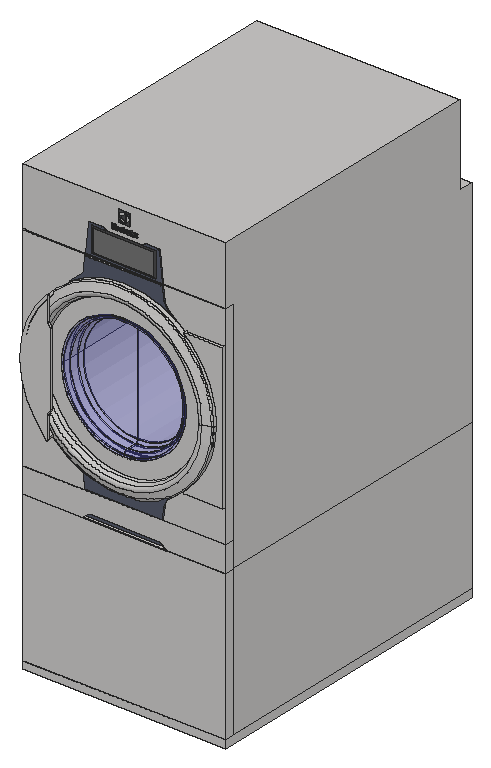
Revit family "TD6-20 HP", category Attrezzature speciali, Revit 2014
Parameters
  Show Logo [instance] = yes
  Show Clearance [instance] = yes
  Manufacturer = ""
  Model = ""
  Description = ""
Reference planes
  plane 1: z = 0
  plane 2 "BACK": y = 677.5
  plane 3 "FRONT": y = -549.5
  plane 4 "LEFT": x = -799
  plane 5 "RIGHT": x = -6
  plane 6 "TOP": z = 1771
  plane 7: y = -601.5
  plane 8: y = -1323.5
Forms (mm)
  Extrusion 1, solid, material "QF_Finishes_Stainless Steel"
    sketch origin (718.1, -398.1, 598.796) x (0, 0, -1) y (0, 1, 0)
      loop
        line (-14.704, 1050.6) -> (-855.66, 1050.6) -> (-855.66, 994.6) -> (-941.204, 994.6) -> (-941.204, -115.453) -> (-14.704, -115.453) -> (-14.704, 1050.6)
    from -1517.1 to -724.1
  Extrusion 2, solid, material "QF_Finishes_Stainless Steel"
    sketch origin (718.1, -368.1, 598.796) x (0, 0, -1) y (0, 1, 0)
      loop
        line (568.796, -145.453) -> (568.796, 1020.6) -> (-14.704, 1020.6) -> (-14.704, -145.453) -> (568.796, -145.453)
    from -1517.1 to -724.1
  Sweep 3, solid, material "QF_Finishes_Black"
    path origin (686.327, -549.5, 1684.42) x (0, 0, -1) y (1, 0, 0)
      loop
        line (131.445, -962.809) -> (32.707, -962.809) -> (32.707, -1214.809) -> (131.445, -1214.809) -> (131.445, -962.809)
    profile origin (-276.482, -549.5, 1602.344) x (-1, 0, 0) y (0, -1, 0)
      loop
        line (5, 0) -> (5, 5)
        arc (5, 5) -> (1.464, 3.536) -> (0, 0) r 5
        line (0, 0) -> (5, 0)
  Extrusion 4, solid, material "QF_Finishes_Dark Grey"
    sketch origin (686.327, -549.5, 1684.42) x (0, 0, -1) y (1, 0, 0)
      loop
        line (126.445, -1209.809) -> (126.445, -967.809) -> (37.707, -967.809) -> (37.707, -1209.809) -> (126.445, -1209.809)
    from 0 to 4
  Extrusion 5, void
    sketch origin (889, -517.06, 1195.994) x (0, 0, -1) y (1, 0, 0)
      loop
        circle (69.994, -1291.5) r 245
    from -451.9 to 33.109
  Extrusion 6, solid, material "QF_Finishes_Stainless Steel"
    sketch origin (718.1, 596.5, 1540) x (0, 0, -1) y (-1, 0, 0)
      loop
        circle (43, 834.1) r 12.7
    from 0 to 5
  Extrusion 7, solid, material "QF_Finishes_Stainless Steel"
    sketch origin (718.1, 652.5, 1454.455) x (0, 0, -1) y (-1, 0, 0)
      loop
        circle (1331.455, 1255.1) r 12.7
    from 0 to 25
  Extrusion 8, solid, material "QF_Finishes_Stainless Steel"
    sketch origin (-499, 0, 0) x (0, 1, 0) y (0, 0, 1)
      loop
        line (596.5, 1540) -> (596.5, 1771) -> (-549.5, 1771) -> (-549.5, 1541.816)
        arc (-549.5, 1541.816) -> (-548.968, 1540.532) -> (-547.684, 1540) r 1.816
        line (-547.684, 1540) -> (596.5, 1540)
    from -300 to 493
  Extrusion 9, solid, material "QF_Finishes_Stainless Steel"
    sketch origin (0, 0, 1114.3) x (-1, 0, 0) y (0, -1, 0)
      loop
        line (799, -652.5) -> (799, 549.5) -> (6, 549.5) -> (6, -652.5) -> (799, -652.5)
    from -1114.3 to -1084.3
  Extrusion 10, solid, material "QF_Finishes_Stainless Steel"
    sketch origin (-499, -118.96, 0) x (0, 1, 0) y (0, 0, 1)
      loop
        line (-394.593, 1540) -> (-430.54, 1540) -> (-430.54, 713.5) -> (-394.593, 713.5) -> (-394.593, 1540)
    from -300 to 493
  Extrusion 11, solid, material "QF_Finishes_Stainless Steel"
    sketch origin (-499, -118.96, 0) x (0, 1, 0) y (0, 0, 1)
      loop
        line (-430.54, 713.5) -> (-430.54, 613.5) -> (-394.593, 613.5) -> (-394.593, 713.5) -> (-430.54, 713.5)
    from -300 to 493
  Extrusion 12, solid, material "QF_Finishes_Stainless Steel"
    sketch origin (-499, -118.96, 0) x (0, 1, 0) y (0, 0, 1)
      loop
        line (-394.593, 613.5) -> (-430.54, 613.5) -> (-430.54, 30) -> (-394.593, 30) -> (-394.593, 613.5)
    from -300 to 493
  Sweep 13, solid, material "QF_Finishes_Stainless Steel"
    path origin (-409, -549.5, 1444.576) x (0, 0, -1) y (1, 0, 0)
      loop
        circle (318.576, 6.5) r 366.295
    profile origin (-402.5, -549.5, 1492.295) x (0, 0, -1) y (0, -1, 0)
      loop
        line (0, 0) -> (60.401, 0)
        arc (60.401, 0) -> (59.825, 6.814) -> (57.535, 13.257) r 26.651
        line (57.535, 13.257) -> (49.537, 28.994)
        arc (49.537, 28.994) -> (42.511, 35.32) -> (33.058, 35.302) r 13.156
        line (33.058, 35.302) -> (4.309, 24.168)
        arc (4.309, 24.168) -> (1.18, 21.691) -> (0, 17.88) r 6.744
        line (0, 17.88) -> (0, 0)
  Extrusion 14, solid, material "QF_Finishes_Stainless Steel"
    sketch origin (889, -689.525, 1195.994) x (0, 0, -1) y (1, 0, 0)
      loop
        line (353.669, -897.598) -> (-212.997, -897.549) -> (-213.01, -1046.361)
        arc (-213.01, -1046.361) -> (-212.131, -1048.481) -> (-210.011, -1049.36) r 2.999
        line (-210.011, -1049.36) -> (-204.852, -1049.36)
        arc (-204.852, -1049.36) -> (-80.8, -957.683) -> (69.994, -925.205) r 366.295
        arc (69.994, -925.205) -> (220.927, -957.746) -> (345.042, -1049.589) r 366.295
        line (345.042, -1049.589) -> (350.683, -1049.589)
        arc (350.683, -1049.589) -> (352.804, -1048.711) -> (353.682, -1046.59) r 2.999
        line (353.682, -1046.59) -> (353.669, -897.598)
    from -140.025 to -130.025
  Revolve 15, solid, material "QF_Door-Drawer Clearances", visible <- "Show Clearance", detail levels coarse
    sketch origin (889, -601.5, 1195.994) x (0, 0, -1) y (1, 0, 0)
      loop
        circle (69.994, -1291.5) r 366.295
      axis (69.994, -924.023) -> (68.994, -924.023)
    angle from 0 to -90
  Revolve 16, solid, material "QF_Finishes_Glass"
    sketch origin (-402.863, -289.313, 555.02) x (0, 1, 0) y (0, 0, 1)
      loop
        arc (-190.673, 783.338) -> (-195.066, 793.945) -> (-205.673, 798.338) r 15
        line (-205.673, 798.338) -> (-244.95, 798.338)
        arc (-244.95, 798.338) -> (-252.021, 801.267) -> (-254.95, 808.338) r 10
        line (-254.95, 808.338) -> (-254.95, 816.338) -> (-259.95, 816.338) -> (-259.95, 808.338)
        arc (-259.95, 808.338) -> (-255.556, 797.732) -> (-244.95, 793.338) r 15
        line (-244.95, 793.338) -> (-205.673, 793.338)
        arc (-205.673, 793.338) -> (-198.602, 790.409) -> (-195.673, 783.338) r 10
        line (-195.673, 783.338) -> (-195.673, 570.975) -> (-190.673, 570.975) -> (-190.673, 783.338)
      axis (-259.95, 570.975) -> (-190.673, 570.975)
    angle from 0 to 360
  Extrusion 17, solid, material "QF_Finishes_Stainless Steel"
    sketch origin (-529, -549.5, 1444.576) x (0, 0, -1) y (1, 0, 0)
      loop
        arc (176.622, -119.08) -> (174.216, -119.45) -> (172.033, -120.527) r 8
        line (172.033, -120.527) -> (158.099, -130.284)
        arc (158.099, -130.284) -> (155.934, -131.338) -> (153.554, -131.7) r 8
        line (153.554, -131.7) -> (65.736, -131.7)
        arc (65.736, -131.7) -> (63.285, -133.352) -> (63.896, -136.244) r 2.645
        arc (63.896, -136.244) -> (318.617, -239.419) -> (573.315, -136.187) r 365.919
        arc (573.315, -136.187) -> (573.918, -133.331) -> (571.497, -131.7) r 2.612
        line (571.497, -131.7) -> (483.599, -131.7)
        arc (483.599, -131.7) -> (481.193, -131.33) -> (479.01, -130.253) r 8
        line (479.01, -130.253) -> (465.119, -120.527)
        arc (465.119, -120.527) -> (462.936, -119.45) -> (460.53, -119.08) r 8
        line (460.53, -119.08) -> (176.622, -119.08)
    from 47.713 to 52
  Extrusion 18, solid, material "QF_Finishes_Stainless Steel"
    sketch origin (-529, -601.5, 1444.576) x (0, 0, -1) y (1, 0, 0)
      loop
        arc (63.896, -136.244) -> (318.617, -239.419) -> (573.315, -136.187) r 365.919
        line (573.315, -136.187) -> (563.547, -131.7)
        arc (563.547, -131.7) -> (318.584, -229.419) -> (73.616, -131.711) r 355.919
        line (73.616, -131.711) -> (63.896, -136.244)
    from -4.287 to -34.753
  Extrusion 19, void
    sketch origin (-401.334, -549.5, 611.842) x (0, 0, 1) y (1, 0, 0)
      loop
        arc (1.908, -169.725) -> (2.027, -168.962) -> (2.374, -168.272) r 2.499
        line (2.374, -168.272) -> (21.699, -140.672)
        arc (21.699, -140.672) -> (23.335, -137.382) -> (23.898, -133.751) r 11.994
        line (23.898, -133.751) -> (23.897, 130.467)
        arc (23.897, 130.467) -> (23.336, 134.095) -> (21.703, 137.383) r 11.994
        line (21.703, 137.383) -> (2.374, 164.988)
        arc (2.374, 164.988) -> (2.027, 165.678) -> (1.908, 166.441) r 2.499
        line (1.908, 166.441) -> (1.908, -169.725)
    from 0 to 13.427
  Extrusion 20, solid, material "QF_Finishes_Blue"
    sketch origin (-499, -549.5, 893.425) x (0, 0, 1) y (-1, 0, 0)
      loop
        arc (767.274, 37.584) -> (765.819, 41.099) -> (762.304, 42.555) r 4.971
        line (762.304, 42.555) -> (650.575, 54.795) -> (650.575, -247.832) -> (761.659, -235.663)
        arc (761.659, -235.663) -> (765.63, -234.018) -> (767.274, -230.047) r 5.615
        line (767.274, -230.047) -> (767.274, -186.505)
        arc (767.274, -186.505) -> (766.484, -180.953) -> (764.209, -175.828) r 20.351
        line (764.209, -175.828) -> (758.288, -166.304) -> (758.288, -222.518) -> (659.55, -222.518) -> (659.55, 29.482) -> (758.288, 29.482) -> (758.288, -26.732) -> (764.209, -17.208)
        arc (764.209, -17.208) -> (766.483, -12.086) -> (767.274, -6.538) r 20.35
        line (767.274, -6.538) -> (767.274, 37.584)
    from 0 to 1.6
  Extrusion 21, solid, material "QF_Finishes_Blue"
    sketch origin (-499, -549.5, 893.425) x (0, 0, 1) y (-1, 0, 0)
      loop
        arc (594.486, 60.933) -> (579.244, 65.533) -> (566.695, 75.331) r 43.3
        line (566.695, 75.331) -> (532.276, 114.098)
        arc (532.276, 114.098) -> (598.87, -96.026) -> (532.82, -306.322) r 366.295
        line (532.82, -306.322) -> (566.695, -268.167)
        arc (566.695, -268.167) -> (579.244, -258.37) -> (594.486, -253.77) r 43.3
        line (594.486, -253.77) -> (642.075, -248.6) -> (642.075, 55.764) -> (594.486, 60.933)
    from 0 to 1.6
  Extrusion 22, solid, material "QF_Finishes_Blue"
    sketch origin (-499, -549.5, 893.425) x (0, 0, 1) y (-1, 0, 0)
      loop
        line (-129.403, 60.926) -> (-176.925, 55.764) -> (-176.925, -248.6) -> (-129.403, -253.763)
        arc (-129.403, -253.763) -> (-114.123, -258.355) -> (-101.544, -268.169) r 43.3
        line (-101.544, -268.169) -> (-67.671, -306.321)
        arc (-67.671, -306.321) -> (-133.72, -96.026) -> (-67.127, 114.098) r 366.295
        line (-67.127, 114.098) -> (-101.544, 75.332)
        arc (-101.544, 75.332) -> (-114.123, 65.518) -> (-129.403, 60.926) r 43.3
    from 0 to 1.6
Cuts and joins
  Extrusion 5 cuts Extrusion 1
  Extrusion 5 cuts Extrusion 8
  joined: Extrusion 1, Extrusion 8
  Extrusion 5 cuts Extrusion 10
  Extrusion 19 cuts Extrusion 11
  joined: Sweep 13, Extrusion 14, Extrusion 17, Extrusion 18
Lines and regions (mm)
  Split face 1
    outline origin (-6, -549.5, 1540) x (-1, 0, 0) y (0, 0, -1)
      loop
        circle (396.5, 414) r 305.895
  symbolic lines
    curve 1: line (-6, 652.5, 1771) -> (-799, 652.5, 1771)
    curve 2: line (-799, -549.5, 1771) -> (-6, -549.5, 1771)
    curve 3: line (-6, 652.5, 0) -> (-6, -549.5, 0)
    curve 4: line (-799, 652.5, 0) -> (-799, -549.5, 0)
    curve 6: line (-6, 596.5, 0) -> (-799, 596.5, 0)
  symbolic lines, style "QF_Door-Drawer Clearances", visible <- "Show Clearance"
    curve 5: line (-6, -1323.5, 0) -> (-6, -549.5, 0)
    curve 7: arc (-768.795, -549.5, 0) -> (-549.88, -1096.63, 0) -> (-6, -1323.5, 0) r 761.144
  symbolic lines, style "SpecialityEquipment"
    curve 8: line (-8.549, -559.5, 0) -> (-8.549, -549.5, 0)
    curve 9: line (-160.36, -559.5, 0) -> (-8.549, -559.5, 0)
    curve 10: line (-160.36, -549.5, 0) -> (-160.36, -559.5, 0)
    curve 11: line (-768.419, -601.5, 0) -> (-659.284, -601.5, 0)
    curve 12: line (-659.284, -597.213, 0) -> (-758.419, -597.213, 0)
    curve 13: line (-758.419, -569.602, 0) -> (-758.419, -597.213, 0)
    curve 14: line (-659.284, -597.213, 0) -> (-659.284, -601.5, 0)
    curve 15: line (-768.419, -569.602, 0) -> (-758.419, -569.602, 0)
    curve 16: line (-74.013, -585.689, 0) -> (-758.419, -585.689, 0)
    curve 17: line (-768.419, -569.602, 0) -> (-768.419, -601.5, 0)
    curve 18: line (-40.513, -573.668, 0) -> (-758.419, -573.668, 0)
    curve 19: line (-768.795, -549.5, 0) -> (-768.795, -567.38, 0)
    curve 20: arc (-768.795, -567.38, 0) -> (-768.701, -568.507, 0) -> (-768.419, -569.602, 0) r 6.744
    curve 21: line (-36.205, -559.5, 0) -> (-36.205, -567.38, 0)
    curve 22: line (-40.513, -573.668, 0) -> (-69.262, -584.802, 0)
    curve 23: arc (-36.205, -567.38, 0) -> (-37.385, -571.191, 0) -> (-40.513, -573.668, 0) r 6.744
    curve 24: arc (-74.013, -585.689, 0) -> (-71.597, -585.465, 0) -> (-69.262, -584.802, 0) r 13.156
    curve 25: line (-524.3, 677.5, 0) -> (-549.7, 677.5, 0)
    curve 26: line (-549.7, 677.5, 0) -> (-549.7, 652.5, 0)
    curve 27: line (-524.3, 677.5, 0) -> (-524.3, 652.5, 0)
Dimensions and locks
  plane 4 "LEFT" to plane 5 "RIGHT" = 793 mm
  plane 2 "BACK" to plane 3 "FRONT" = 1227 mm
  plane 6 "TOP" to level = 1771 mm
  Extrusion 6 sketch curve to plane 6 "TOP" = 274 mm
  plane 5 "RIGHT" to Extrusion 6 sketch curve = 110 mm
  level to Extrusion 7 sketch curve = 123 mm
  Extrusion 7 sketch curve to plane 4 "LEFT" = 262 mm
  plane 2 "BACK" to plane 7 = 1279 mm
  plane 2 "BACK" to plane 8 = 2001 mm
  aligned and locked: level to plane 1
  aligned and locked: Extrusion 1 to plane 4 "LEFT"
  aligned and locked: plane 5 "RIGHT" to Extrusion 1
  aligned and locked: Extrusion 2 to plane 4 "LEFT"
  aligned and locked: plane 5 "RIGHT" to Extrusion 2
  aligned and locked: plane 5 "RIGHT" to Extrusion 8
  aligned and locked: Extrusion 8 to plane 4 "LEFT"
  aligned and locked: plane 5 "RIGHT" to Extrusion 12
  aligned and locked: Extrusion 12 to plane 4 "LEFT"
  aligned and locked: Extrusion 11 to plane 4 "LEFT"
  aligned and locked: plane 5 "RIGHT" to Extrusion 11
  aligned and locked: Extrusion 10 to plane 4 "LEFT"
  aligned and locked: plane 5 "RIGHT" to Extrusion 10
  aligned and locked: Extrusion 18 to Extrusion 17
Nested families
  nested 1: "ELX_Logo_S_New" at (-415.511, -549.5, 1674.59) x (1, 0, 0) z (0, -1, 0), visible <- "Show Logo", type "ELX_Logo_S_New"
    with Material QF_Finishes_Black
  nested 2: "ELX_Logo_Symbol_S" at (-394.886, -549.5, 1729.274) x (-1, 0, 0) z (0, -1, 0), visible <- "Show Logo", type "ELX_Logo_Symbol_S"
    with Material QF_Finishes_Black
Connectors
  piping at (-537, 677.5, 123), diameter 25.4
    settings: on Extrusion 7, index 3, connector inside diameter 609.6 mm, connector length 0 mm, flow factor 0, pipe flow 0.0 L/s, pressure drop 0.0 Pa, fitting loss kfactor 0, connector angle 0.00°, fixture units 0, engagement length 0 mm, angle of deflection 0.00°, flow configuration 1, flow direction 2, fitting loss method 0, system type 7, joint type 0, gender type 0, connector reference index -1, connector utility 0, adjustable connector no, is connector primary yes, connector description "Condensation"
  electrical at (-116, 601.5, 1497)
    settings: on Extrusion 6, index 4, voltage 0 V, apparent load 0 VA, apparent load phase1 0 VA, apparent load phase2 0 VA, apparent load phase3 0 VA, power factor 1, load classification "Other", number of poles 1, system type 30, power factor state 1, is connector primary yes, connector utility no, sub classification motor no, connector description "Electrical Connection"
Definition of nested family "ELX_Logo_S_New"
  Parameters (values of type "ELX_Logo_S_New")
    Material [instance] = QF_Finishes_Gray
    Default Elevation = 0 mm
  Reference planes
    plane 1 "Centro (Fronte/Retro)": y = 0
    plane 2: z = 0
    plane 3 "Centro (Sinistra/Destra)": x = 0
  Forms (mm)
    Extrusion 1, solid
      sketch origin (0, 0, 0) x (1, 0, 0) y (0, 1, 0)
        loop
          line (-1219.2, 1219.2) -> (-1219.2, -1219.2) -> (1219.2, -1219.2) -> (1219.2, 1219.2) -> (-1219.2, 1219.2)
      from 0 to -304.8
    Extrusion 2, solid, material "QF_Finishes_Gray" <- "Material"
      sketch origin (0, 0, 0) x (1, 0, 0) y (0, 1, 0)
        loop
          spline (-31.006, -2.781) -> (-31.24, -2.771) -> (-31.49, -2.739) -> (-31.748, -2.68) -> (-32.009, -2.591) -> (-32.264, -2.469) -> (-32.508, -2.308) -> (-32.732, -2.105) -> (-32.932, -1.857) -> (-33.099, -1.559) -> (-33.226, -1.207) -> (-33.308, -0.798) -> (-33.337, -0.327)
          line (-33.337, -0.327) -> (-33.337, 1.761) -> (-26.444, 1.761) -> (-26.444, 4.423) -> (-33.338, 4.423) -> (-33.338, 8.299) -> (-26.005, 8.299) -> (-26.005, 10.954) -> (-36.159, 10.954) -> (-36.159, -0.206)
          spline (-36.159, -0.206) -> (-36.134, -0.893) -> (-36.057, -1.54) -> (-35.927, -2.145) -> (-35.743, -2.707) -> (-35.503, -3.222) -> (-35.206, -3.689) -> (-34.85, -4.106) -> (-34.433, -4.47) -> (-33.955, -4.779) -> (-33.414, -5.031) -> (-32.809, -5.223) -> (-32.137, -5.354)
          line (-32.137, -5.354) -> (-31.029, -5.433) -> (-25.809, -5.433) -> (-25.809, -2.781) -> (-31.006, -2.781)
        loop
          line (-23.804, 3.211) -> (-23.804, -5.437) -> (-20.982, -5.437) -> (-20.982, 10.958) -> (-23.804, 10.958) -> (-23.804, 3.211)
        loop
          spline (-7.052, -0.2) -> (-7.034, 0.688) -> (-7.119, 1.546) -> (-7.304, 2.368) -> (-7.586, 3.144) -> (-7.962, 3.868) -> (-8.426, 4.531) -> (-8.977, 5.126) -> (-9.61, 5.644) -> (-10.321, 6.077) -> (-11.107, 6.419) -> (-11.964, 6.66) -> (-12.889, 6.793)
          spline (-12.889, 6.793) -> (-13.767, 6.742) -> (-14.602, 6.592) -> (-15.387, 6.346) -> (-16.116, 6.008) -> (-16.782, 5.583) -> (-17.379, 5.073) -> (-17.902, 4.483) -> (-18.343, 3.816) -> (-18.697, 3.077) -> (-18.958, 2.269) -> (-19.119, 1.395) -> (-19.174, 0.46)
          spline (-19.174, 0.46) -> (-19.121, -0.452) -> (-18.964, -1.304) -> (-18.71, -2.094) -> (-18.362, -2.816) -> (-17.926, -3.468) -> (-17.406, -4.045) -> (-16.808, -4.544) -> (-16.137, -4.96) -> (-15.397, -5.291) -> (-14.594, -5.532) -> (-13.733, -5.679) -> (-12.817, -5.729)
          spline (-12.817, -5.729) -> (-12.371, -5.719) -> (-11.93, -5.685) -> (-11.493, -5.626) -> (-11.062, -5.54) -> (-10.636, -5.425) -> (-10.216, -5.277) -> (-9.8, -5.096) -> (-9.391, -4.879) -> (-8.987, -4.623) -> (-8.588, -4.326) -> (-8.196, -3.987) -> (-7.809, -3.603)
          line (-7.809, -3.603) -> (-9.51, -1.949)
          spline (-9.51, -1.949) -> (-9.734, -2.164) -> (-9.959, -2.362) -> (-10.188, -2.542) -> (-10.422, -2.703) -> (-10.662, -2.846) -> (-10.913, -2.971) -> (-11.174, -3.077) -> (-11.449, -3.163) -> (-11.739, -3.231) -> (-12.047, -3.28) -> (-12.374, -3.309) -> (-12.723, -3.319)
          spline (-12.723, -3.319) -> (-13.234, -3.294) -> (-13.713, -3.219) -> (-14.158, -3.098) -> (-14.568, -2.931) -> (-14.94, -2.72) -> (-15.272, -2.469) -> (-15.562, -2.177) -> (-15.809, -1.849) -> (-16.009, -1.485) -> (-16.162, -1.088) -> (-16.264, -0.659) -> (-16.314, -0.2)
          line (-16.314, -0.2) -> (-7.052, -0.2)
        loop
          spline (-9.888, 1.784) -> (-9.915, 2.133) -> (-9.995, 2.469) -> (-10.124, 2.788) -> (-10.298, 3.088) -> (-10.514, 3.365) -> (-10.768, 3.615) -> (-11.056, 3.836) -> (-11.376, 4.024) -> (-11.722, 4.176) -> (-12.092, 4.289) -> (-12.482, 4.359) -> (-12.889, 4.383)
          spline (-12.889, 4.383) -> (-13.325, 4.36) -> (-13.744, 4.291) -> (-14.144, 4.18) -> (-14.52, 4.03) -> (-14.868, 3.844) -> (-15.186, 3.624) -> (-15.469, 3.375) -> (-15.715, 3.099) -> (-15.919, 2.798) -> (-16.077, 2.477) -> (-16.186, 2.138) -> (-16.243, 1.784)
          line (-16.243, 1.784) -> (-9.888, 1.784)
        loop
          spline (-2.737, 0.532) -> (-2.704, 1.057) -> (-2.61, 1.555) -> (-2.457, 2.022) -> (-2.249, 2.455) -> (-1.991, 2.851) -> (-1.685, 3.205) -> (-1.336, 3.514) -> (-0.948, 3.775) -> (-0.524, 3.984) -> (-0.067, 4.138) -> (0.417, 4.233) -> (0.926, 4.265)
          spline (0.926, 4.265) -> (1.238, 4.255) -> (1.537, 4.226) -> (1.824, 4.178) -> (2.098, 4.112) -> (2.362, 4.027) -> (2.615, 3.925) -> (2.858, 3.806) -> (3.093, 3.67) -> (3.318, 3.518) -> (3.536, 3.349) -> (3.746, 3.165) -> (3.95, 2.966)
          line (3.95, 2.966) -> (5.699, 4.785)
          spline (5.699, 4.785) -> (5.351, 5.133) -> (4.992, 5.446) -> (4.624, 5.724) -> (4.246, 5.969) -> (3.859, 6.181) -> (3.463, 6.362) -> (3.059, 6.512) -> (2.646, 6.633) -> (2.226, 6.725) -> (1.8, 6.79) -> (1.366, 6.828) -> (0.926, 6.841)
          spline (0.926, 6.841) -> (0.044, 6.786) -> (-0.801, 6.626) -> (-1.601, 6.367) -> (-2.349, 6.014) -> (-3.037, 5.573) -> (-3.658, 5.051) -> (-4.204, 4.453) -> (-4.668, 3.785) -> (-5.041, 3.053) -> (-5.318, 2.263) -> (-5.489, 1.421) -> (-5.548, 0.532)
          spline (-5.548, 0.532) -> (-5.489, -0.357) -> (-5.318, -1.199) -> (-5.041, -1.989) -> (-4.668, -2.721) -> (-4.204, -3.389) -> (-3.658, -3.987) -> (-3.037, -4.509) -> (-2.349, -4.95) -> (-1.601, -5.303) -> (-0.801, -5.562) -> (0.044, -5.722) -> (0.926, -5.777)
          spline (0.926, -5.777) -> (1.366, -5.764) -> (1.8, -5.726) -> (2.226, -5.662) -> (2.646, -5.569) -> (3.059, -5.449) -> (3.463, -5.298) -> (3.859, -5.117) -> (4.246, -4.905) -> (4.624, -4.66) -> (4.992, -4.382) -> (5.351, -4.069) -> (5.699, -3.721)
          line (5.699, -3.721) -> (3.95, -1.902)
          spline (3.95, -1.902) -> (3.746, -2.101) -> (3.536, -2.285) -> (3.318, -2.453) -> (3.093, -2.606) -> (2.858, -2.742) -> (2.615, -2.861) -> (2.362, -2.964) -> (2.098, -3.048) -> (1.824, -3.114) -> (1.537, -3.162) -> (1.238, -3.191) -> (0.926, -3.201)
          spline (0.926, -3.201) -> (0.417, -3.169) -> (-0.067, -3.074) -> (-0.524, -2.92) -> (-0.948, -2.711) -> (-1.336, -2.45) -> (-1.685, -2.141) -> (-1.991, -1.787) -> (-2.249, -1.391) -> (-2.457, -0.958) -> (-2.61, -0.491) -> (-2.704, 0.007) -> (-2.737, 0.532)
        loop
          spline (12.895, -2.785) -> (12.646, -2.789) -> (12.379, -2.77) -> (12.102, -2.724) -> (11.82, -2.646) -> (11.542, -2.531) -> (11.274, -2.376) -> (11.024, -2.175) -> (10.797, -1.924) -> (10.602, -1.618) -> (10.445, -1.253) -> (10.334, -0.824) -> (10.275, -0.327)
          line (10.275, -0.327) -> (10.275, 3.855) -> (12.842, 3.855) -> (12.842, 6.419) -> (10.278, 6.419) -> (10.278, 10.958) -> (7.456, 10.958) -> (7.456, -0.488)
          spline (7.456, -0.488) -> (7.516, -1.152) -> (7.626, -1.776) -> (7.785, -2.359) -> (7.996, -2.899) -> (8.26, -3.392) -> (8.577, -3.837) -> (8.951, -4.232) -> (9.38, -4.575) -> (9.868, -4.864) -> (10.415, -5.096) -> (11.023, -5.27) -> (11.693, -5.383)
          line (11.693, -5.383) -> (12.885, -5.437) -> (12.895, -2.785)
        loop
          spline (22.391, 6.583) -> (21.903, 6.613) -> (21.433, 6.605) -> (20.982, 6.558) -> (20.553, 6.476) -> (20.145, 6.358) -> (19.76, 6.207) -> (19.401, 6.022) -> (19.067, 5.807) -> (18.76, 5.561) -> (18.482, 5.286) -> (18.234, 4.984) -> (18.016, 4.655)
          line (18.016, 4.655) -> (18.016, 6.418) -> (15.217, 6.418) -> (15.217, -5.437) -> (18.016, -5.437) -> (18.016, 0.797)
          spline (18.016, 0.797) -> (18.042, 1.269) -> (18.118, 1.71) -> (18.242, 2.117) -> (18.412, 2.488) -> (18.627, 2.822) -> (18.884, 3.117) -> (19.182, 3.371) -> (19.518, 3.583) -> (19.892, 3.751) -> (20.3, 3.873) -> (20.742, 3.947) -> (21.215, 3.972)
          line (21.215, 3.972) -> (22.391, 3.855) -> (22.391, 6.583)
        loop
          spline (35.761, 0.49) -> (35.702, 1.36) -> (35.53, 2.189) -> (35.253, 2.971) -> (34.878, 3.698) -> (34.414, 4.364) -> (33.867, 4.963) -> (33.246, 5.488) -> (32.558, 5.932) -> (31.811, 6.289) -> (31.013, 6.552) -> (30.171, 6.715) -> (29.293, 6.771)
          spline (29.293, 6.771) -> (28.409, 6.715) -> (27.564, 6.552) -> (26.763, 6.289) -> (26.016, 5.932) -> (25.328, 5.488) -> (24.708, 4.963) -> (24.163, 4.364) -> (23.701, 3.698) -> (23.328, 2.971) -> (23.053, 2.189) -> (22.882, 1.36) -> (22.823, 0.49)
          spline (22.823, 0.49) -> (22.882, -0.379) -> (23.053, -1.208) -> (23.328, -1.989) -> (23.701, -2.716) -> (24.163, -3.382) -> (24.708, -3.981) -> (25.328, -4.506) -> (26.016, -4.951) -> (26.763, -5.308) -> (27.564, -5.571) -> (28.409, -5.734) -> (29.293, -5.79)
          spline (29.293, -5.79) -> (30.171, -5.734) -> (31.013, -5.571) -> (31.811, -5.308) -> (32.558, -4.951) -> (33.246, -4.506) -> (33.867, -3.981) -> (34.414, -3.382) -> (34.878, -2.716) -> (35.253, -1.989) -> (35.53, -1.208) -> (35.702, -0.379) -> (35.761, 0.49)
        loop
          spline (32.961, 0.49) -> (32.929, 1.004) -> (32.833, 1.493) -> (32.679, 1.955) -> (32.47, 2.385) -> (32.21, 2.779) -> (31.903, 3.134) -> (31.553, 3.445) -> (31.164, 3.709) -> (30.739, 3.921) -> (30.283, 4.077) -> (29.8, 4.174) -> (29.293, 4.207)
          spline (29.293, 4.207) -> (28.781, 4.174) -> (28.294, 4.077) -> (27.836, 3.921) -> (27.411, 3.709) -> (27.022, 3.445) -> (26.673, 3.134) -> (26.368, 2.779) -> (26.11, 2.385) -> (25.903, 1.955) -> (25.75, 1.493) -> (25.656, 1.004) -> (25.624, 0.49)
          spline (25.624, 0.49) -> (25.656, -0.022) -> (25.75, -0.512) -> (25.903, -0.973) -> (26.11, -1.403) -> (26.368, -1.798) -> (26.673, -2.153) -> (27.022, -2.464) -> (27.411, -2.728) -> (27.836, -2.94) -> (28.294, -3.096) -> (28.781, -3.193) -> (29.293, -3.226)
          spline (29.293, -3.226) -> (29.8, -3.193) -> (30.283, -3.096) -> (30.739, -2.94) -> (31.164, -2.728) -> (31.553, -2.464) -> (31.903, -2.153) -> (32.21, -1.798) -> (32.47, -1.403) -> (32.679, -0.973) -> (32.833, -0.512) -> (32.929, -0.022) -> (32.961, 0.49)
        loop
          line (37.497, 3.493) -> (37.497, -5.437) -> (40.321, -5.437) -> (40.321, 10.958) -> (37.497, 10.958) -> (37.497, 3.493)
        loop
          line (50.501, 6.418) -> (50.501, -0.473)
          spline (50.501, -0.473) -> (50.478, -0.921) -> (50.412, -1.325) -> (50.305, -1.686) -> (50.159, -2.005) -> (49.978, -2.282) -> (49.763, -2.52) -> (49.517, -2.718) -> (49.243, -2.878) -> (48.943, -3.001) -> (48.619, -3.087) -> (48.275, -3.139) -> (47.913, -3.155)
          spline (47.913, -3.155) -> (47.55, -3.139) -> (47.206, -3.088) -> (46.883, -3.001) -> (46.583, -2.879) -> (46.309, -2.72) -> (46.063, -2.523) -> (45.849, -2.287) -> (45.667, -2.012) -> (45.522, -1.696) -> (45.414, -1.339) -> (45.348, -0.94) -> (45.326, -0.498)
          line (45.326, -0.498) -> (45.326, 6.418) -> (42.479, 6.418) -> (42.479, -0.733)
          spline (42.479, -0.733) -> (42.53, -1.543) -> (42.676, -2.28) -> (42.911, -2.945) -> (43.228, -3.537) -> (43.621, -4.058) -> (44.082, -4.508) -> (44.604, -4.888) -> (45.18, -5.197) -> (45.804, -5.437) -> (46.468, -5.607) -> (47.165, -5.709) -> (47.89, -5.743)
          spline (47.89, -5.743) -> (48.62, -5.709) -> (49.323, -5.605) -> (49.993, -5.432) -> (50.621, -5.189) -> (51.203, -4.875) -> (51.729, -4.491) -> (52.194, -4.034) -> (52.59, -3.506) -> (52.91, -2.905) -> (53.147, -2.231) -> (53.295, -1.484) -> (53.346, -0.662)
          line (53.346, -0.662) -> (53.346, 6.418) -> (50.501, 6.418)
        loop
          line (64.026, -1.646) -> (62.246, 0.843) -> (64.45, 3.846) -> (66.338, 6.418) -> (63.257, 6.418) -> (60.692, 2.866) -> (58.105, 6.418) -> (55.047, 6.418) -> (56.801, 4.02) -> (59.14, 0.82) -> (56.689, -2.595) -> (54.647, -5.437) -> (57.682, -5.437) -> (60.692, -1.25) -> (63.703, -5.437) -> (66.738, -5.437) -> (64.026, -1.646)
      from 0 to 1.644
  Dimensions and locks
    aligned and locked: plane 2 to Extrusion 1
    aligned and locked: level to Extrusion 1
Definition of nested family "ELX_Logo_Symbol_S"
  Parameters (values of type "ELX_Logo_Symbol_S")
    Material [instance] = QF_Finishes_Gray
    Default Elevation = 0 mm
  Reference planes
    plane 1 "Centro (Fronte/Retro)": y = 0
    plane 2: z = 0
    plane 3 "Centro (Sinistra/Destra)": x = 0
  Forms (mm)
    Extrusion 1, solid
      sketch origin (0, 0, 0) x (1, 0, 0) y (0, 1, 0)
        loop
          line (-1219.2, 1219.2) -> (-1219.2, -1219.2) -> (1219.2, -1219.2) -> (1219.2, 1219.2) -> (-1219.2, 1219.2)
      from 0 to -304.8
    Extrusion 2, solid, material "QF_Finishes_Gray" <- "Material"
      sketch origin (94.462, 558.781, 0) x (1, 0, 0) y (0, 1, 0)
        loop
          line (-92.971, -571.574) -> (-92.971, -531.14)
          arc (-92.971, -531.14) -> (-107.917, -551.357) -> (-92.971, -571.574) r 21.146
        loop
          arc (-90.914, -571.574) -> (-74.098, -567.752) -> (-65.997, -552.529) r 20.723
          line (-65.997, -552.529) -> (-72.686, -552.529)
          arc (-72.686, -552.529) -> (-84.636, -557.38) -> (-90.914, -568.646) r 19.424
          line (-90.914, -568.646) -> (-90.914, -571.574)
        loop
          arc (-90.914, -534.068) -> (-84.636, -545.334) -> (-72.686, -550.185) r 19.424
          line (-72.686, -550.185) -> (-65.997, -550.185)
          arc (-65.997, -550.185) -> (-74.085, -534.837) -> (-90.914, -530.621) r 21.265
          line (-90.914, -530.621) -> (-90.914, -534.068)
        loop
          line (-64.462, -573.781) -> (-64.462, -528.842) -> (-109.462, -528.842) -> (-109.462, -573.781) -> (-64.462, -573.781)
      from 0 to 1.644
  Dimensions and locks
    aligned and locked: plane 2 to Extrusion 1
    aligned and locked: level to Extrusion 1
